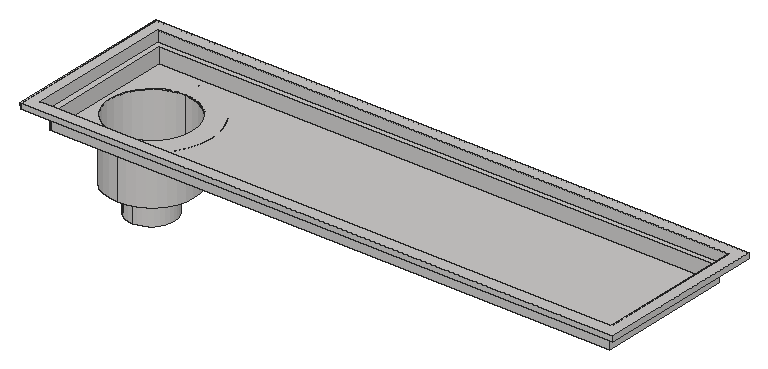
Revit family "QF_ELECTROLUXPROFESSIONAL_328054_FDA40140", category Attrezzature speciali, Revit 2020
Family settings
  Quota connettore circolare = Usa diametro
  Tipo di parte = Normale
  Basato su piano di lavoro = No
  Sempre verticale = Sì
  Taglio con vuoti quando caricato = No
  Condiviso = No
  Punto di calcolo locali = No
Parameters (values of type "Standard")
  Weight = 55.1156 lbm
  Watts = 0 W
  Volts = 0 V
  URL Manufacturer = "https://www.electroluxprofessional.com/"
  URL = "https://www.electroluxprofessional.com/"
  Steam Supply Size = 0"
  Steam Supply Minimum Pressure = 0.00 psi
  Steam Supply Maximum Pressure = 0.00 psi
  Steam Consumption per Hour = 0
  Refrigeration Suction Line Size = 0 mm
  Refrigeration Liquid Line Size = 0 mm
  Refrigerant Compressor Remote = yes
  Prospetto di default = 0 mm
  Phase = 0
  Modello = "FDA40140"
  Produttore = "Electrolux Professional"
  Length Actual = 1400 mm  # constant formula
  Item Number = "328054"
  Hot Water Size = 0"
  Height Actual = 265 mm  # constant formula
  HP = "0 HP"
  Gas Size = 0"
  Gas KW = 0
  Gas Input Pressure = 0.0 Btu/h
  Direct Waste Size = 3.93701"
  Descrizione = "FLR.DRAIN+GRATE+S.SIPH-VERT.OUT.400X1400"
  Depth Actual = 400 mm  # constant formula
  Cycle = 0 Hz
  Condensate Return Size = 0"
  Compressed Air Volume = 0 GPM
  Compressed Air Size = 0"
  Compressed Air Pressure = 0.00 psi
  Cold Water Size = 0"
  Assembly Code = ""
  Accessory = yes
Reference planes
  plane 1: z = 0
  plane 2 "Center (Front/Back)": y = -102.225
  plane 3 "Center (Left/Right)": x = 9.791
  plane 4 "TOP": z = -265
  plane 5 "Back": y = 97.775
  plane 6 "Front": y = -302.225
  plane 7: x = -140.209
  plane 8: x = 159.791
  plane 9: x = 1259.791
Forms (mm)
  Revolve 1, solid, material "QF_Metal-Stainless-Polished"
    sketch origin (9.791, 0, 0) x (0, 1, 0) y (0, 0, 1)
      loop
        line (38.775, -62) -> (38.775, -60) -> (-4.225, -60) -> (-4.225, -198) -> (-49.225, -198) -> (-49.225, -265) -> (-47.225, -265) -> (-47.225, -200) -> (-2.225, -200) -> (-2.225, -62) -> (38.775, -62)
      axis (-102.225, -265) -> (-102.225, -60)
    angle from 0 to 360
  Sweep 2, solid, material "QF_Finishes_Stainless Steel"
    path origin (0, 0, 0) x (1, 0, 0) y (0, 1, 0)
      loop
        line (-140.209, 97.775) -> (-140.209, -302.225) -> (1259.791, -302.225) -> (1259.791, 97.775) -> (-140.209, 97.775)
    profile origin (559.791, 97.775, 0) x (0, 1, 0) y (0, 0, 1)
      loop
        line (0, -11.945) -> (0, 1) -> (-26, 1) -> (-26, -25) -> (-40, -25) -> (-40, -59) -> (-50, -59) -> (-50, -60) -> (-39, -60) -> (-39, -26) -> (-25, -26) -> (-25, 0.055) -> (-1, 0.055) -> (-1, -11.945) -> (0, -11.945)
  Extrusion 3, solid, material "QF_Finishes_Stainless Steel"
    sketch origin (0, 0, 0) x (1, 0, 0) y (0, 1, 0)
      loop
        line (-90.209, 47.775) -> (-90.209, -252.225) -> (1209.791, -252.225) -> (1209.791, 47.775) -> (-90.209, 47.775)
      loop
        circle (9.791, -102.225) r 98
    from -59 to -60
Cuts and joins
  joined: Sweep 2, Extrusion 3
Lines and regions (mm)
  symbolic lines
    curve 1: line (-140.209, 97.775, 0) -> (1259.791, 97.775, 0)
    curve 2: line (-140.209, -302.225, 0) -> (-140.209, 97.775, 0)
    curve 3: line (1259.791, -302.225, 0) -> (-140.209, -302.225, 0)
    curve 4: line (1259.791, 97.775, 0) -> (1259.791, -302.225, 0)
    curve 5: circle (9.791, -102.225, 0) r 115 normal (0, 0, 1)
    curve 18: circle (9.791, -102.225, 0) r 115 normal (0, 0, -1)
    curve 24: line (-114.209, 71.775, 0) -> (1233.791, 71.775, 0)
    curve 25: line (-114.209, -276.225, 0) -> (-114.209, 71.775, 0)
    curve 26: line (1233.791, -276.225, 0) -> (-114.209, -276.225, 0)
    curve 27: line (1233.791, 71.775, 0) -> (1233.791, -276.225, 0)
    curve 28: circle (9.791, -102.225, 0) r 53 normal (0, 0, 1)
  model lines
    curve 6: line (-100.209, 71.775, 0) -> (-100.209, -276.225, 0)
    curve 7: line (-80.209, 71.775, 0) -> (-80.209, -276.225, 0)
    curve 8: line (-60.209, 71.775, 0) -> (-60.209, -276.225, 0)
    curve 9: line (-40.209, 71.775, 0) -> (-40.209, -276.225, 0)
    curve 10: line (-20.209, 71.775, 0) -> (-20.209, -276.225, 0)
    curve 11: line (-0.209, 71.775, 0) -> (-0.209, -276.225, 0)
    curve 12: line (19.791, 71.775, 0) -> (19.791, -276.225, 0)
    curve 13: line (39.791, 71.775, 0) -> (39.791, -276.225, 0)
    curve 14: line (59.791, 71.775, 0) -> (59.791, -276.225, 0)
    curve 15: line (79.791, 71.775, 0) -> (79.791, -276.225, 0)
    curve 16: line (99.791, 71.775, 0) -> (99.791, -276.225, 0)
    curve 17: line (119.791, 71.775, 0) -> (119.791, -276.225, 0)
    curve 19: line (-114.209, -22.225, 0) -> (1233.791, -22.225, 0)
    curve 20: line (-114.209, -42.225, 0) -> (1233.791, -42.225, 0)
    curve 21: line (-114.209, -62.225, 0) -> (1233.791, -62.225, 0)
    curve 22: line (-114.209, -102.225, 0) -> (1233.791, -102.225, 0)
    curve 23: line (-114.209, -122.225, 0) -> (1233.791, -122.225, 0)
    curve 29: line (-114.209, 37.775, 0) -> (1233.791, 37.775, 0)
    curve 30: line (-114.209, 17.775, 0) -> (1233.791, 17.775, 0)
    curve 31: line (-114.209, -2.225, 0) -> (1233.791, -2.225, 0)
    curve 32: line (-114.209, -202.225, 0) -> (1233.791, -202.225, 0)
    curve 33: line (-114.209, -182.225, 0) -> (1233.791, -182.225, 0)
    curve 34: line (-114.209, -162.225, 0) -> (1233.791, -162.225, 0)
    curve 35: line (-114.209, -142.225, 0) -> (1233.791, -142.225, 0)
    curve 36: line (-114.209, -262.225, 0) -> (1233.791, -262.225, 0)
    curve 37: line (-114.209, -242.225, 0) -> (1233.791, -242.225, 0)
    curve 38: line (-114.209, -222.225, 0) -> (1233.791, -222.225, 0)
    curve 39: line (-114.209, 57.775, 0) -> (1233.791, 57.775, 0)
    curve 40: line (139.791, 71.775, 0) -> (139.791, -276.225, 0)
    curve 41: line (159.791, 71.775, 0) -> (159.791, -276.225, 0)
    curve 42: line (179.791, 71.775, 0) -> (179.791, -276.225, 0)
    curve 43: line (199.791, 71.775, 0) -> (199.791, -276.225, 0)
    curve 44: line (219.791, 71.775, 0) -> (219.791, -276.225, 0)
    curve 45: line (239.791, 71.775, 0) -> (239.791, -276.225, 0)
    curve 46: line (259.791, 71.775, 0) -> (259.791, -276.225, 0)
    curve 47: line (279.791, 71.775, 0) -> (279.791, -276.225, 0)
    curve 48: line (299.791, 71.775, 0) -> (299.791, -276.225, 0)
    curve 49: line (319.791, 71.775, 0) -> (319.791, -276.225, 0)
    curve 50: line (339.791, 71.775, 0) -> (339.791, -276.225, 0)
    curve 51: line (359.791, 71.775, 0) -> (359.791, -276.225, 0)
    curve 52: line (379.791, 71.775, 0) -> (379.791, -276.225, 0)
    curve 53: line (399.791, 71.775, 0) -> (399.791, -276.225, 0)
    curve 54: line (419.791, 71.775, 0) -> (419.791, -276.225, 0)
    curve 55: line (439.791, 71.775, 0) -> (439.791, -276.225, 0)
    curve 56: line (459.791, 71.775, 0) -> (459.791, -276.225, 0)
    curve 57: line (479.791, 71.775, 0) -> (479.791, -276.225, 0)
    curve 58: line (499.791, 71.775, 0) -> (499.791, -276.225, 0)
    curve 59: line (519.791, 71.775, 0) -> (519.791, -276.225, 0)
    curve 60: line (539.791, 71.775, 0) -> (539.791, -276.225, 0)
    curve 61: line (559.791, 71.775, 0) -> (559.791, -276.225, 0)
    curve 62: line (579.791, 71.775, 0) -> (579.791, -276.225, 0)
    curve 63: line (599.791, 71.775, 0) -> (599.791, -276.225, 0)
    curve 64: line (619.791, 71.775, 0) -> (619.791, -276.225, 0)
    curve 65: line (639.791, 71.775, 0) -> (639.791, -276.225, 0)
    curve 66: line (659.791, 71.775, 0) -> (659.791, -276.225, 0)
    curve 67: line (679.791, 71.775, 0) -> (679.791, -276.225, 0)
    curve 68: line (699.791, 71.775, 0) -> (699.791, -276.225, 0)
    curve 69: line (719.791, 71.775, 0) -> (719.791, -276.225, 0)
    curve 70: line (739.791, 71.775, 0) -> (739.791, -276.225, 0)
    curve 71: line (759.791, 71.775, 0) -> (759.791, -276.225, 0)
    curve 72: line (-114.209, -82.225, 0) -> (1233.791, -82.225, 0)
    curve 73: line (779.791, 71.775, 0) -> (779.791, -276.225, 0)
    curve 74: line (799.791, 71.775, 0) -> (799.791, -276.225, 0)
    curve 75: line (819.791, 71.775, 0) -> (819.791, -276.225, 0)
    curve 76: line (839.791, 71.775, 0) -> (839.791, -276.225, 0)
    curve 77: line (859.791, 71.775, 0) -> (859.791, -276.225, 0)
    curve 78: line (879.791, 71.775, 0) -> (879.791, -276.225, 0)
    curve 79: line (899.791, 71.775, 0) -> (899.791, -276.225, 0)
    curve 80: line (919.791, 71.775, 0) -> (919.791, -276.225, 0)
    curve 81: line (939.791, 71.775, 0) -> (939.791, -276.225, 0)
    curve 82: line (959.791, 71.775, 0) -> (959.791, -276.225, 0)
    curve 83: line (979.791, 71.775, 0) -> (979.791, -276.225, 0)
    curve 84: line (999.791, 71.775, 0) -> (999.791, -276.225, 0)
    curve 85: line (1019.791, 71.775, 0) -> (1019.791, -276.225, 0)
    curve 86: line (1039.791, 71.775, 0) -> (1039.791, -276.225, 0)
    curve 87: line (1059.791, 71.775, 0) -> (1059.791, -276.225, 0)
    curve 88: line (1079.791, 71.775, 0) -> (1079.791, -276.225, 0)
    curve 89: line (1099.791, 71.775, 0) -> (1099.791, -276.225, 0)
    curve 90: line (1119.791, 71.775, 0) -> (1119.791, -276.225, 0)
    curve 91: line (1139.791, 71.775, 0) -> (1139.791, -276.225, 0)
    curve 92: line (1159.791, 71.775, 0) -> (1159.791, -276.225, 0)
    curve 93: line (1179.791, 71.775, 0) -> (1179.791, -276.225, 0)
    curve 94: line (1199.791, 71.775, 0) -> (1199.791, -276.225, 0)
    curve 95: line (1219.791, 71.775, 0) -> (1219.791, -276.225, 0)
Dimensions and locks
  equal spacing: plane 8, plane 3 "Center (Left/Right)", plane 7
  level to plane 4 "TOP" = 265 mm
  locked: Revolve 1 sketch curve to Revolve 1 sketch curve at 141
  locked: Revolve 1 sketch curve to Revolve 1 sketch curve at 100
  locked: Revolve 1 sketch curve to Revolve 1 sketch curve at 55
  locked: plane 8 to plane 7 at 300
  equal spacing: plane 6 "Front", plane 2 "Center (Front/Back)", plane 5 "Back"
  locked: plane 6 "Front" to plane 5 "Back" at 400
  locked: plane 7 to plane 9 at 1400
  aligned and locked: level to plane 1
  aligned and locked: Sweep 2 sketch curve to plane 9
  aligned and locked: curve 4 to plane 9
Automatic sketch dimensions
  Revolve 1 sketch curve to plane 2 "Center (Front/Back)" = 0 mm
  plane 4 "TOP" to Revolve 1 sketch curve = 65 mm
  Revolve 1 sketch curve to level = 62 mm
  Revolve 1 sketch curve to Revolve 1 sketch curve = 2 mm  (x4)
  Revolve 1 sketch curve to plane 4 "TOP" = 344.6 mm
  level to Revolve 1 sketch curve = 2466.13 mm
  plane 6 "Front" to Sweep 2 sketch curve = 0 mm
  Sweep 2 sketch curve to plane 7 = 0 mm
  plane 5 "Back" to Sweep 2 sketch curve = 0 mm
  level to Sweep 2 sketch curve = 1 mm
  Sweep 2 sketch curve to profile plane = 0 mm
  profile plane to Sweep 2 sketch curve = 1 mm
  profile plane to Sweep 2 sketch curve = 25 mm
  Sweep 2 sketch curve to Sweep 2 sketch curve = 1 mm  (x4)
  Sweep 2 sketch curve to Sweep 2 sketch curve = 14 mm
  level to Sweep 2 sketch curve = 0.055 mm
  Sweep 2 sketch curve to Sweep 2 sketch curve = 12 mm
  Sweep 2 sketch curve to level = 25 mm
  Sweep 2 sketch curve to Sweep 2 sketch curve = 33 mm
  Sweep 2 sketch curve to Sweep 2 sketch curve = 10 mm
  Revolve 1 sketch curve to plane 4 "TOP" = 0 mm
  Extrusion 3 sketch curve to plane 2 "Center (Front/Back)" = 0 mm
  Extrusion 3 sketch curve to plane 3 "Center (Left/Right)" = 0 mm
  plane 7 to Extrusion 3 sketch curve = 50 mm
  Extrusion 3 sketch curve to plane 9 = 50 mm
  Extrusion 3 sketch curve to plane 6 "Front" = 50 mm
  plane 5 "Back" to Extrusion 3 sketch curve = 50 mm
  curve 5 to curve 18 = 0 mm  (x2)
  curve 5 to curve 28 = 0 mm  (x2)
  curve 18 to curve 28 = 0 mm  (x2)
  plane 6 "Front" to curve 3 = 0 mm
  curve 3 to plane 7 = 0 mm
  curve 22 to plane 2 "Center (Front/Back)" = 0 mm
  curve 5 to plane 2 "Center (Front/Back)" = 0 mm
  curve 5 to plane 3 "Center (Left/Right)" = 0 mm
  curve 41 to plane 8 = 0 mm
  plane 5 "Back" to curve 2 = 0 mm
  plane 7 to curve 26 = 26 mm
  curve 24 to plane 9 = 26 mm
  curve 25 to plane 6 "Front" = 26 mm
  plane 5 "Back" to curve 27 = 26 mm
  curve 24 to curve 6 = 14 mm
  curve 6 to curve 7 = 20 mm
  curve 7 to curve 8 = 20 mm
  curve 8 to curve 9 = 20 mm
  curve 9 to curve 10 = 20 mm
  curve 11 to plane 3 "Center (Left/Right)" = 10 mm
  plane 3 "Center (Left/Right)" to curve 12 = 10 mm
  curve 12 to curve 13 = 20 mm
  curve 13 to curve 14 = 20 mm
  curve 14 to curve 15 = 20 mm
  curve 15 to curve 16 = 20 mm
  curve 16 to curve 17 = 20 mm
  curve 40 to plane 8 = 20 mm
  curve 41 to curve 42 = 20 mm
  curve 42 to curve 43 = 20 mm
  curve 43 to curve 44 = 20 mm
  curve 44 to curve 45 = 20 mm
  curve 45 to curve 46 = 20 mm
  curve 46 to curve 47 = 20 mm
  curve 47 to curve 48 = 20 mm
  curve 48 to curve 49 = 20 mm
  curve 49 to curve 50 = 20 mm
  curve 50 to curve 51 = 20 mm
  curve 51 to curve 52 = 20 mm
  curve 52 to curve 53 = 20 mm
  curve 53 to curve 54 = 20 mm
  curve 54 to curve 55 = 20 mm
  curve 55 to curve 56 = 20 mm
  curve 56 to curve 57 = 20 mm
  curve 57 to curve 58 = 20 mm
  curve 58 to curve 59 = 20 mm
  curve 59 to curve 60 = 20 mm
  curve 60 to curve 61 = 20 mm
  curve 61 to curve 62 = 20 mm
  curve 62 to curve 63 = 20 mm
  curve 63 to curve 64 = 20 mm
  curve 64 to curve 65 = 20 mm
  curve 65 to curve 66 = 20 mm
  curve 66 to curve 67 = 20 mm
  curve 67 to curve 68 = 20 mm
  curve 68 to curve 69 = 20 mm
  curve 69 to curve 70 = 20 mm
  curve 70 to curve 71 = 20 mm
  curve 71 to curve 73 = 20 mm
  curve 73 to curve 74 = 20 mm
  curve 74 to curve 75 = 20 mm
  curve 75 to curve 76 = 20 mm
  curve 76 to curve 77 = 20 mm
  curve 77 to curve 78 = 20 mm
  curve 78 to curve 79 = 20 mm
  curve 79 to curve 80 = 20 mm
  curve 80 to curve 81 = 20 mm
  curve 81 to curve 82 = 20 mm
  curve 82 to curve 83 = 20 mm
  curve 83 to curve 84 = 20 mm
  curve 84 to curve 85 = 20 mm
  curve 85 to curve 86 = 20 mm
  curve 86 to curve 87 = 20 mm
  curve 87 to curve 88 = 20 mm
  curve 88 to curve 89 = 20 mm
  curve 89 to curve 90 = 20 mm
  curve 90 to curve 91 = 20 mm
  curve 91 to curve 92 = 20 mm
  curve 92 to curve 93 = 20 mm
  curve 93 to curve 94 = 20 mm
  curve 95 to curve 24 = 14 mm
  curve 25 to curve 36 = 14 mm
  curve 36 to curve 37 = 20 mm
  curve 37 to curve 38 = 20 mm
  curve 38 to curve 32 = 20 mm
  curve 32 to curve 33 = 20 mm
  curve 33 to curve 34 = 20 mm
  curve 34 to curve 35 = 20 mm
  curve 23 to curve 22 = 20 mm
  plane 2 "Center (Front/Back)" to curve 72 = 20 mm
  curve 72 to curve 21 = 20 mm
  curve 21 to curve 20 = 20 mm
  curve 20 to curve 19 = 20 mm
  curve 19 to curve 31 = 20 mm
  curve 31 to curve 30 = 20 mm
  curve 30 to curve 29 = 20 mm
  curve 39 to curve 24 = 14 mm
  radius of Extrusion 3 sketch curve = 98 mm
  radius of curve 5 = 115 mm
  radius of curve 18 = 115 mm
  radius of curve 28 = 53 mm
Connectors
  piping at (9.791, -102.225, -265), diameter 100, driven by "Direct Waste Size"
    settings: on Revolve 1, index 1, connector inside diameter 24", connector length 0 mm, flow factor 0, pipe flow 0 GPM, pressure drop 0.00 psi, fitting loss kfactor 0, connector angle 0.00°, fixture units 0, engagement length 0 mm, angle of deflection 0.00°, flow configuration 1, flow direction 2, fitting loss method 0, system type 16, joint type 0, gender type 0, connector reference index -1, connector utility 0, adjustable connector no, is connector primary yes, connector description "Drain"
